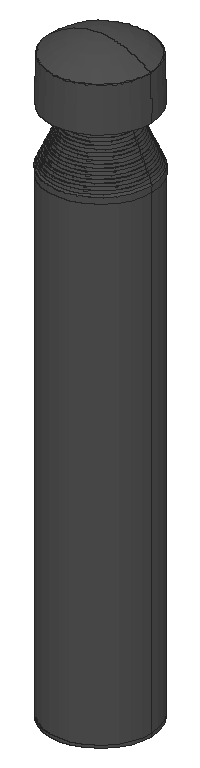
Revit family "0047941 Sylvania Lighting Fixture START Bollard L IP65 1100lm 830 BLK", category Lighting Fixtures, host Face, Revit 2016
Family settings
  Host = Face
  Part Type = Normal
  Round Connector Dimension = Use Diameter
  OmniClass Number = 23.80.70.00
  OmniClass Title = Lighting
  Cut with Voids When Loaded = No
  Light Source = Yes
  Shared = No
  Room Calculation Point = No
Parameters (values of type "0047941 ST BLLRD L IP65 1100LM 830 BLK")
  Weight = "6.5 kg"
  Wattage Comments = ""
  Wattage = 25.46 W
  WarrantyStartDate [instance] = "n/a"
  WarrantyGuarantorParts = "n/a"
  WarrantyDurationUnit = "n/a"
  WarrantyDurationParts = "n/a"
  WarrantyDescription = "n/a"
  built-in parameter 1150110 = 1 (stored number, unit not read)
  Voltage = 0 V
  URL = "http://www.sylvania-lighting.com"
  TypeName = "START Bollard L IP65 1100lm 830 BLK"
  Type Image = <None>
  Type Comments = "n/a"
  built-in parameter 1114217 = 1 (stored number, unit not read)
  Tilt Angle = 90.00°
  built-in parameter 1150109 = 1 (stored number, unit not read)
  built-in parameter 1150134 = (empty or 0)
  built-in parameter 1150113 = 1 (stored number, unit not read)
  SerialNumber [instance] = "n/a"
  Photometric Web File = "0047941.ies"
  Material_3_FEILO = none
  PowerFactor = 0
  PowerConsumption = "25.46 W"
  NominalLength = 168 mm
  NominalHeight = 1000 mm
  NominalDepth = 168 mm
  Name = "START Bollard L IP65 1100lm 830 BLK"
  ModelReference = Name  # "START Bollard L IP65 1100lm 830 BLK"
  ModelNumber = "0047941"
  Model = Name  # "START Bollard L IP65 1100lm 830 BLK"
  Material = "n/a"
  ManufacturerName = "Feilo Sylvania"
  Manufacturer = "Feilo Sylvania"
  LuminousEfficacy = "43.25 lm/W"
  built-in parameter 1150105 = 327.4 (stored number, unit not read)
  Lumens = 1101.15 lm
  LuminaireType = ""
  built-in parameter 1150115 = 1 (stored number, unit not read)
  LightOutputRatio = "n/a"
  built-in parameter 1150137 = (empty or 0)
  built-in parameter 1150139 = (empty or 0)
  LampsType = Lamp  # "LED"
  LampNominalLuminous = "n/a"
  LampMacAdamStep = "n/a"
  LampColourTemperature = "3000 K"
  LampColourRenderingIndex = "80"
  built-in parameter 1150112 = 1 (stored number, unit not read)
  built-in parameter 1150114 = 1 (stored number, unit not read)
  Lamp = "LED"
  Keynote = "16500"
  InstallationDate [instance] = "n/a"
  InputVoltage = "220-240V~"
  InputNominalFrequency = "50/60 Hz"
  built-in parameter 1150132 = (empty or 0)
  built-in parameter 1150102 = (empty or 0)
  built-in parameter 1150107 = 3000 (stored number, unit not read)
  built-in parameter 1150138 = (empty or 0)
  IngressProtection = "IK10"
  ImpactProtectionIndex = "IP65"
  built-in parameter 1150106 = 3.274 (stored number, unit not read)
  IfcExportType = "IfcLightFixtureType"
  IfcExportAs = "IfcLightFixtureType"
  Height_SYL = 1000 mm
  ExpectedLife = 50000
  built-in parameter 1150129 = 120 mm
  Emit Shape Visible in Rendering = no
  ElectricShockClassification = "Class I"
  built-in parameter 1150104 = 4.0181 (stored number, unit not read)
  DurationUnit = "hours"
  DocumentationLiterature = "http://www.sylvania-lighting.com/product/en-int/products/0047941"
  DimmingControlOptions = "Non dimmable"
  Material_2_FEILO = Diffuser-Sylvania-StartBollardIP65
  Dimming Lamp Color Temperature Shift = <None>
  Description = "0"
  Default Elevation = 1219.2 mm
  CreatedOn = "9/20/2018"
  CreatedBy = "@sylvania-lighting.com"
  Cost = 0
  Color Filter = 16777215
  built-in parameter 1114216 [instance] = (empty or 0)
  ClassificationValue = "EF_70_80"
  ClassificationName = "Uniclass2015"
  Material_1_FEILO = Body-Sylvania-StartBollardIP65
  BarCode [instance] = "n/a"
  built-in parameter 1114218 = 1 (stored number, unit not read)
  Emit from Circle Diameter = 3048 mm
  AssetType = "Fixed"
  AssetIdentifier [instance] = "n/a"
  Assembly Code = "D5020200"
  Apparent Load = 25.46 VA
  Material_4_FEILO = none
Reference planes
  plane 1 "Center (Front/Back)": y = 0
  plane 2: z = 0
  plane 3 "Center (Left/Right)": x = 0
  plane 4: z = 5
  plane 5: x = -83.65
  plane 6: z = 1000
  plane 7: z = 797
  plane 8: z = 807
  plane 9: x = -84.5
  plane 10: z = 810.3
  plane 11: x = -82.2
  plane 12: z = 814.7
  plane 13: z = 819.1
  plane 14: z = 823.5
  plane 15: z = 827.9
  plane 16: z = 832.3
  plane 17: z = 836.7
  plane 18: z = 841.1
  plane 19: z = 845.5
  plane 20: z = 849.9
  plane 21: z = 854.3
  plane 22: z = 858.7
  plane 23: z = 863.1
  plane 24: z = 867.5
  plane 25: z = 871.9
  plane 26: z = 876.3
  plane 27: z = 880.7
  plane 28: z = 885.1
  plane 29: z = 889.5
  plane 30: z = 893.9
  plane 31: z = 898.3
  plane 32: x = -81.2
  plane 33: x = -80.2
  plane 34: x = -79.2
  plane 35: x = -78.2
  plane 36: x = -77.2
  plane 37: x = -76.2
  plane 38: x = -75.2
  plane 39: x = -74.2
  plane 40: x = -73.2
  plane 41: x = -72.2
  plane 42: x = -71.2
  plane 43: x = -70.2
  plane 44: x = -69.2
  plane 45: x = -68.2
  plane 46: x = -67.2
  plane 47: x = -66.2
  plane 48: x = -65.2
  plane 49: x = -64.2
  plane 50: x = -63.2
  plane 51: x = -62.2
  plane 52: x = -61.2
  plane 53: x = -60.2
  plane 54: x = -59.2
  plane 55: x = -58.2
  plane 56: x = -57.2
  plane 57: x = -56.2
  plane 58: x = -55.2
  plane 59: x = -54.2
  plane 60: x = -53.2
  plane 61: x = -52.2
  plane 62: x = -51.2
  plane 63: x = -50.2
  plane 64: x = -49.2
  plane 65: x = -48.2
  plane 66: x = -47.2
  plane 67: x = -46.2
  plane 68: x = -45.2
  plane 69: x = -44.2
  plane 70: x = -43.2
  plane 71: x = -42.2
  plane 72: z = 970
  plane 73: z = 970.85
  plane 74: z = 928.3
  plane 75: z = 901.3
Forms (mm)
  Revolve 1, solid, material "Body-Sylvania-StartBollardIP65" <- "Material_1_FEILO"
    sketch origin (0, 0, 0) x (1, 0, 0) y (0, 0, 1)
      loop
        line (0, 5) -> (-83.65, 5) -> (-83.65, 0) -> (0, 0) -> (0, 5)
      axis (0, 5) -> (0, 0)
    angle from 360 to 0
  Revolve 2, solid, material "Body-Sylvania-StartBollardIP65" <- "Material_1_FEILO"
    sketch origin (0, 0, 0) x (1, 0, 0) y (0, 0, 1)
      loop
        line (0, 5) -> (0, 807) -> (-84.5, 807) -> (-84.5, 797) -> (-83.65, 797) -> (-83.65, 5) -> (0, 5)
      axis (0, 807) -> (0, 5)
    angle from 360 to 0
  Revolve 3, solid, material "Body-Sylvania-StartBollardIP65" <- "Material_1_FEILO", detail levels medium+fine
    sketch origin (0, 0, 0) x (1, 0, 0) y (0, 0, 1)
      loop
        line (-84.5, 807) -> (0, 807) -> (0, 928.3) -> (-43.2, 928.3) -> (-43.2, 898.3) -> (-44.2, 893.9) -> (-45.2, 893.9) -> (-46.2, 889.5) -> (-47.2, 889.5) -> (-48.2, 885.1) -> (-49.2, 885.1) -> (-50.2, 880.7) -> (-51.2, 880.7) -> (-52.2, 876.3) -> (-53.2, 876.3) -> (-54.2, 871.9) -> (-55.2, 871.9) -> (-56.2, 867.5) -> (-57.2, 867.5) -> (-58.2, 863.1) -> (-59.2, 863.1) -> (-60.2, 858.7) -> (-61.2, 858.7) -> (-62.2, 854.3) -> (-63.2, 854.3) -> (-64.2, 849.9) -> (-65.2, 849.9) -> (-66.2, 845.5) -> (-67.2, 845.5) -> (-68.2, 841.1) -> (-69.2, 841.1) -> (-70.2, 836.7) -> (-71.2, 836.7) -> (-72.2, 832.3) -> (-73.2, 832.3) -> (-74.2, 827.9) -> (-75.2, 827.9) -> (-76.2, 823.5) -> (-77.2, 823.5) -> (-78.2, 819.1) -> (-79.2, 819.1) -> (-80.2, 814.7) -> (-81.2, 814.7) -> (-82.2, 810.3) -> (-84.5, 807)
      axis (0, 928.3) -> (0, 807)
    angle from 360 to 0
  Revolve 4, solid, material "Body-Sylvania-StartBollardIP65" <- "Material_1_FEILO"
    sketch origin (0, 0, 0) x (1, 0, 0) y (0, 0, 1)
      loop
        line (-83.65, 898.3) -> (-80.2, 898.3) -> (-80.2, 928.3) -> (0, 928.3) -> (0, 1000)
        arc (0, 1000) -> (-43.385, 992.494) -> (-81.727, 970.85) r 129.142
        arc (-81.727, 970.85) -> (-82.074, 970.486) -> (-82.2, 970) r 1
        line (-82.2, 970) -> (-83.65, 898.3)
      axis (0, 1000) -> (0, 898.3)
    angle from 360 to 0
  Revolve 5, solid, material "Body-Sylvania-StartBollardIP65" <- "Material_1_FEILO", detail levels coarse
    sketch origin (0, 0, 0) x (1, 0, 0) y (0, 0, 1)
      loop
        line (0, 807) -> (0, 928.3) -> (-43.2, 928.3) -> (-43.2, 898.3) -> (-84.5, 807) -> (0, 807)
      axis (0, 928.3) -> (0, 807)
    angle from 360 to 0
  Revolve 6, solid, material "Diffuser-Sylvania-StartBollardIP65" <- "Material_2_FEILO"
    sketch origin (0, 0, 0) x (1, 0, 0) y (0, 0, 1)
      loop
        line (-80.2, 901.3) -> (-80.2, 898.3) -> (-43.2, 898.3) -> (-43.2, 901.3) -> (-80.2, 901.3)
      axis (0, 901.3) -> (0, 898.3)
    angle from 360 to 0
Dimensions and locks
  locked: plane 4 to plane 2 at 5
  plane 3 "Center (Left/Right)" to plane 5 = 83.65 mm
  "Height_SYL": plane 6 to plane 2
  locked: plane 3 "Center (Left/Right)" to plane 9 at 84.5
  plane 3 "Center (Left/Right)" to plane 11 = 82.2 mm
  locked: plane 11 to plane 9 at 2.3
  plane 10 to plane 8 to plane 7 = 3.3 mm locked, 10 mm locked
  plane 5 to plane 9 = 0.85 mm
  equal spacing: plane 31, plane 30, plane 29, plane 28, plane 27, plane 26, plane 25, plane 24, plane 23, plane 22, plane 21, plane 20, plane 19, plane 18, plane 17, plane 16, plane 15, plane 14, plane 13, plane 12, plane 10, locked at 4.4 each
  locked: plane 31 to plane 8 at 91.3
  equal spacing: plane 67, plane 66, plane 65, plane 64, plane 63, plane 62, plane 61, plane 60, plane 59, plane 58, plane 57, plane 56, plane 55, plane 54, plane 53, plane 52, plane 51, plane 50, plane 49, plane 48, plane 47, plane 46, plane 45, plane 44, plane 43, plane 42, plane 41, plane 40, plane 39, plane 38, plane 37, plane 36, plane 35, plane 34, plane 33, plane 32, plane 11
  equal spacing: plane 70, plane 69, plane 68, plane 67
  locked: plane 71 to plane 70 at 1
  locked: plane 67 to plane 11 at 36
  locked: plane 70 to plane 67 at 3
  locked: plane 6 to plane 72 at 30
  locked: plane 73 to plane 72 at 0.85
  locked: plane 74 to plane 31 at 30
  locked: plane 75 to plane 31 at 3
  locked: plane 6 to plane 7 at 203
  aligned and locked: plane 2 to host face
  aligned and locked: level to host face
  aligned and locked: Revolve 1 sketch curve to plane 3 "Center (Left/Right)"
  aligned and locked: plane 4 to Revolve 1 sketch curve
  aligned and locked: plane 3 "Center (Left/Right)" to Revolve 1 sketch curve
  aligned and locked: Revolve 1 sketch curve to level
  aligned and locked: Revolve 1 sketch curve to plane 5
  aligned and locked: Revolve 2 sketch curve to plane 3 "Center (Left/Right)"  (x2)
  aligned and locked: plane 3 "Center (Left/Right)" to Revolve 2 sketch curve
  aligned and locked: Revolve 2 sketch curve to Revolve 1  (x2)
  aligned and locked: plane 8 to Revolve 2 sketch curve
  aligned and locked: plane 9 to Revolve 2 sketch curve
  aligned and locked: Revolve 3 sketch curve to Revolve 2  (x2)
  aligned and locked: plane 11 to Revolve 3 sketch curve
  aligned and locked: plane 12 to Revolve 3 sketch curve
  aligned and locked: plane 34 to Revolve 3 sketch curve
  aligned and locked: Revolve 3 sketch curve to plane 13
  aligned and locked: plane 14 to Revolve 3 sketch curve
  aligned and locked: plane 15 to Revolve 3 sketch curve
  aligned and locked: plane 16 to Revolve 3 sketch curve
  aligned and locked: plane 41 to Revolve 3 sketch curve
  aligned and locked: plane 42 to Revolve 3 sketch curve
  aligned and locked: plane 43 to Revolve 3 sketch curve
  aligned and locked: Revolve 3 sketch curve to plane 17
  aligned and locked: plane 44 to Revolve 3 sketch curve
  aligned and locked: Revolve 3 sketch curve to plane 18
  aligned and locked: plane 19 to Revolve 3 sketch curve
  aligned and locked: plane 47 to Revolve 3 sketch curve
  aligned and locked: plane 48 to Revolve 3 sketch curve
  aligned and locked: plane 50 to Revolve 3 sketch curve
  aligned and locked: plane 51 to Revolve 3 sketch curve
  aligned and locked: plane 52 to Revolve 3 sketch curve
  aligned and locked: Revolve 3 sketch curve to plane 22
  aligned and locked: plane 23 to Revolve 3 sketch curve
  aligned and locked: plane 24 to Revolve 3 sketch curve
  aligned and locked: plane 25 to Revolve 3 sketch curve
  aligned and locked: plane 60 to Revolve 3 sketch curve
  aligned and locked: plane 61 to Revolve 3 sketch curve
  aligned and locked: Revolve 3 sketch curve to plane 26
  aligned and locked: plane 27 to Revolve 3 sketch curve
  aligned and locked: plane 64 to Revolve 3 sketch curve
  aligned and locked: plane 65 to Revolve 3 sketch curve
  aligned and locked: Revolve 3 sketch curve to plane 28
  aligned and locked: plane 66 to Revolve 3 sketch curve
  aligned and locked: plane 67 to Revolve 3 sketch curve
  aligned and locked: Revolve 3 sketch curve to plane 29
  aligned and locked: plane 30 to Revolve 3 sketch curve
  aligned and locked: plane 70 to Revolve 3 sketch curve
  aligned and locked: Revolve 2 to Revolve 3 sketch curve
  aligned and locked: Revolve 3 sketch curve to plane 3 "Center (Left/Right)"  (x2)
  aligned and locked: Revolve 4 sketch curve to plane 3 "Center (Left/Right)"  (x2)
  aligned and locked: plane 11 to Revolve 4 sketch curve
  aligned and locked: plane 73 to Revolve 4 sketch curve
  aligned and locked: Revolve 5 sketch curve to plane 3 "Center (Left/Right)"
  aligned and locked: plane 3 "Center (Left/Right)" to Revolve 5 sketch curve  (x2)
  aligned and locked: Revolve 5 sketch curve to Revolve 2  (x2)
  aligned and locked: plane 3 "Center (Left/Right)" to imposter light
  aligned and locked: plane 31 to imposter light
  aligned and locked: imposter light to plane 1 "Center (Front/Back)"
  aligned and locked: Revolve 3 sketch curve to plane 74
  aligned and locked: plane 74 to Revolve 5 sketch curve
  aligned and locked: Revolve 5 sketch curve to Revolve 3  (x2)
  aligned and locked: Revolve 4 sketch curve to plane 31
  aligned and locked: plane 33 to Revolve 4 sketch curve
  aligned and locked: Revolve 4 sketch curve to plane 74
  aligned and locked: Revolve 6 sketch curve to plane 3 "Center (Left/Right)"
  aligned and locked: Revolve 6 sketch curve to plane 75
  aligned and locked: plane 33 to Revolve 6 sketch curve
  aligned and locked: Revolve 6 sketch curve to Revolve 3  (x2)
Automatic sketch dimensions
  host sketch curve to host sketch curve = 2438.4 mm  (x2)
  Revolve 1 sketch curve to level = 609.6 mm
  plane 6 to Revolve 1 sketch curve = 1609.058 mm
  Revolve 2 sketch curve to plane 7 = 0 mm
  Revolve 2 sketch curve to level = 609.6 mm
  plane 6 to Revolve 2 sketch curve = 1609.058 mm
  Revolve 3 sketch curve to plane 32 = 0 mm
  Revolve 3 sketch curve to plane 33 = 0 mm
  Revolve 3 sketch curve to plane 35 = 0 mm
  Revolve 3 sketch curve to plane 36 = 0 mm
  Revolve 3 sketch curve to plane 37 = 0 mm
  Revolve 3 sketch curve to plane 38 = 0 mm
  Revolve 3 sketch curve to plane 39 = 0 mm
  Revolve 3 sketch curve to plane 40 = 0 mm
  Revolve 3 sketch curve to plane 45 = 0 mm
  Revolve 3 sketch curve to plane 46 = 0 mm
  Revolve 3 sketch curve to plane 20 = 0 mm
  Revolve 3 sketch curve to plane 49 = 0 mm
  Revolve 3 sketch curve to plane 53 = 0 mm
  Revolve 3 sketch curve to plane 54 = 0 mm
  Revolve 3 sketch curve to plane 55 = 0 mm
  Revolve 3 sketch curve to plane 56 = 0 mm
  Revolve 3 sketch curve to plane 57 = 0 mm
  Revolve 3 sketch curve to plane 58 = 0 mm
  Revolve 3 sketch curve to plane 59 = 0 mm
  Revolve 3 sketch curve to plane 62 = 0 mm
  Revolve 3 sketch curve to plane 63 = 0 mm
  Revolve 3 sketch curve to plane 68 = 0 mm
  Revolve 3 sketch curve to plane 69 = 0 mm
  Revolve 3 sketch curve to plane 3 "Center (Left/Right)" = 0 mm
  Revolve 3 sketch curve to plane 10 = 0 mm
  Revolve 3 sketch curve to plane 21 = 0 mm
  Revolve 3 sketch curve to plane 31 = 0 mm
  Revolve 3 sketch curve to level = 609.6 mm
  plane 6 to Revolve 3 sketch curve = 1609.058 mm
  Revolve 5 sketch curve to plane 31 = 0 mm
  Revolve 5 sketch curve to level = 609.6 mm
  plane 6 to Revolve 5 sketch curve = 1609.058 mm
  Revolve 4 sketch curve to plane 5 = 0 mm
  Revolve 4 sketch curve to plane 32 = 0 mm
  Revolve 4 sketch curve to plane 72 = 0 mm
  Revolve 4 sketch curve to plane 6 = 0 mm
  Revolve 4 sketch curve to level = 609.6 mm
  Revolve 4 sketch curve to Revolve 4 sketch curve = 1609.058 mm
  Revolve 6 sketch curve to level = 609.6 mm
  plane 6 to Revolve 6 sketch curve = 1609.058 mm
Connectors
  electrical at (0, 0, 0), driven by "Apparent Load", driven by "PowerFactor", driven by "Voltage"
    settings: index 1, voltage 0 V, apparent load 25.46 VA, apparent load phase1 0 VA, apparent load phase2 0 VA, apparent load phase3 0 VA, power factor 0, load classification "Lighting", number of poles 1, system type 30, power factor state 1, is connector primary yes, connector utility no, sub classification motor no, connector description ""
